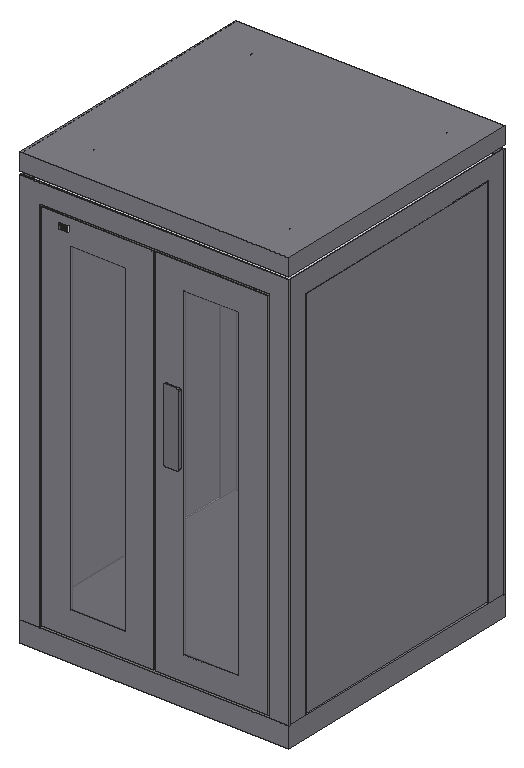
Revit family "ITK_Шкаф_LINEA N_600x600", category Электрооборудование, Revit 2019
Family settings
  Размер круглого соединителя = Использовать диаметр
  Тип детали = Другая панель
  На основе рабочей плоскости = Нет
  Всегда вертикально = Да
  При загрузке вырезать с полостями = Нет
  Общий = Нет
  Точка расчета площади = Нет
Parameters (values of type "19_18U_П-двеСтворки-перф_З-перф_Черный")
  УГО_Смещение_Y [instance] = 1850 mm
  УГО_Смещение_X [instance] = 2000 mm
  Справа_Сплошная_Панель = yes
  Слева_Сплошная_Панель = yes
  Перед_ДвеСтворки_Перфорация = yes
  Материал_Окно = iek_Перфорация_RAL9005_(new)
  Материал_Ножки = iek_Сталь_Серый
  Изготовитель = "IEK"  # constant formula
  Высота платформы = 42 mm
  Выбор УГО [instance] = УГО щит : Щит открытый
  URL = "https://www.itk-group.ru/"
  IEK_Разработчик = "sozutovvd@iek.ru"  # constant formula
  ADSK_Этаж [instance] = ""
  ADSK_Размер_Ширина = 600 mm
  ADSK_Размер_Толщина = 5 mm
  ADSK_Размер_Глубина = 600 mm
  ADSK_Размер_Высота = 979.8 mm
  ADSK_Примечание [instance] = ""
  ADSK_Предел огнестойкости [instance] = ""
  ADSK_Позиция [instance] = ""
  ADSK_Обозначение [instance] = ""
  ADSK_Наименование краткое = "Шкаф сетевой 19\" 18U 600х600"
  ADSK_Наименование = "ITK LINEA N Шкаф сетевой 19\" 18U 600х600мм двери передняя двустворчатая перфорированная задняя перфорированная черный"
  ADSK_Материал обозначение = ""
  ADSK_Материал наименование = ""
  ADSK_Материал = iek_Сталь_Краска_RAL9005
  ADSK_Масса_Текст = ""
  ADSK_Масса = 0
  ADSK_Марка = "LINEA N"  # constant formula
  ADSK_Количество = 1  # constant formula
  ADSK_Код изделия = "LN05-18U66-2PP"
  ADSK_Завод-изготовитель = "itk-group"  # constant formula
  ADSK_Единица измерения = "шт."  # constant formula
  ADSK_Группирование = "Щиты ITK"
  ADSK_Версия семейства = "16.01.24"  # constant formula
  ADSK_Версия Revit = "v2019"  # constant formula
  ADSK_URL страницы изделия = "https://www.itk-group.ru/products/catalog/oborudovanie_telekommunikatsionnoe/shkafy_telekommunikatsionnye/shkafy_setevye_napolnye/shkafy_linea_n/shkafy_linea_n_600kh600mm/itk_linea_n_shkaf_setevoy_19_18u_600kh600mm_dveri_perednyaya_dvustvorchataya_perforirovannaya_zadnyaya_perforirovannaya_chernyy"
  ADSK_URL документации изделия = ""
Types (15, lengths in mm): name | УГО_Смещение_Y | УГО_Смещение_X | Материал_Окно | Выбор УГО | ADSK_Размер_Высота | ADSK_Наименование краткое | ADSK_Наименование | ADSK_Материал | ADSK_Код изделия | ADSK_URL страницы изделия
  (no name) | 1850 | 2000 | iek_Перфорация_RAL9005_(new) | УГО щит : Щит открытый | 979.8 | "Шкаф сетевой 19\" 18U 600х600" | "ITK LINEA N Шкаф сетевой 19\" 18U 600х600мм двери передняя двустворчатая перфорированная задняя перфорированная черный" | iek_Сталь_Краска_RAL9005 | "LN05-18U66-2PP" | "https://www.itk-group.ru/products/catalog/oborudovanie_telekommunikatsionnoe/shkafy_telekommunikatsionnye/shkafy_setevye_napolnye/shkafy_linea_n/shkafy_linea_n_600kh600mm/itk_linea_n_shkaf_setevoy_19_18u_600kh600mm_dveri_perednyaya_dvustvorchataya_perforirovannaya_zadnyaya_perforirovannaya_chernyy"
  19_18U_П-двеСтворки-перф_З-перф_Черный | 1850 | 2000 | iek_Перфорация_RAL9005_(new) | УГО щит : Щит открытый | 979.8 | "Шкаф сетевой 19\" 18U 600х600" | "ITK LINEA N Шкаф сетевой 19\" 18U 600х600мм двери передняя двустворчатая перфорированная задняя перфорированная черный" | iek_Сталь_Краска_RAL9005 | "LN05-18U66-2PP" | "https://www.itk-group.ru/products/catalog/oborudovanie_telekommunikatsionnoe/shkafy_telekommunikatsionnye/shkafy_setevye_napolnye/shkafy_linea_n/shkafy_linea_n_600kh600mm/itk_linea_n_shkaf_setevoy_19_18u_600kh600mm_dveri_perednyaya_dvustvorchataya_perforirovannaya_zadnyaya_perforirovannaya_chernyy"
  19_24U_П-двеСтворки-перф_З-перф_Черный | 620.597 | 744.269 | iek_Перфорация_RAL9005_(new) | УГО щит : Щит аварийного освещения | 1246.5 | "ITK LINEA N Шкаф сетевой 19\" 24U 600х600" | "ITK LINEA N Шкаф сетевой 19\" 24U 600х600мм двери передняя двустворчатая перфорированная задняя перфорированная черный" | iek_Сталь_Краска_RAL9005 | "LN05-24U66-2PP" | "https://www.itk-group.ru/products/catalog/oborudovanie_telekommunikatsionnoe/shkafy_telekommunikatsionnye/shkafy_setevye_napolnye/shkafy_linea_n/shkafy_linea_n_600kh600mm/itk_linea_n_shkaf_setevoy_19_24u_600kh600mm_dveri_perednyaya_dvustvorchataya_perforirovannaya_zadnyaya_perforirovannaya_chernyy"
  19_28U_П-двеСтворки-перф_З-перф_Черный | 620.597 | 744.269 | iek_Перфорация_RAL9005_(new) | УГО щит : Щит аварийного освещения | 1424.3 | "ITK LINEA N Шкаф сетевой 19\" 28U 600х600" | "ITK LINEA N Шкаф сетевой 19\" 28U 600х600мм двери передняя двустворчатая перфорированная задняя перфорированная черный" | iek_Сталь_Краска_RAL9005 | "LN05-28U66-2PP" | "https://www.itk-group.ru/products/catalog/oborudovanie_telekommunikatsionnoe/shkafy_telekommunikatsionnye/shkafy_setevye_napolnye/shkafy_linea_n/shkafy_linea_n_600kh600mm/itk_linea_n_shkaf_setevoy_19_28u_600kh600mm_dveri_perednyaya_dvustvorchataya_perforirovannaya_zadnyaya_perforirovannaya_chernyy"
  19_33U_П-двеСтворки-перф_З-перф_Черный | 620.597 | 744.269 | iek_Перфорация_RAL9005_(new) | УГО щит : Щит аварийного освещения | 1646.6 | "ITK LINEA N Шкаф сетевой 19\" 33U 600х600" | "ITK LINEA N Шкаф сетевой 19\" 33U 600х600мм двери передняя двустворчатая перфорированная задняя перфорированная черный" | iek_Сталь_Краска_RAL9005 | "LN05-33U66-2PP" | "https://www.itk-group.ru/products/catalog/oborudovanie_telekommunikatsionnoe/shkafy_telekommunikatsionnye/shkafy_setevye_napolnye/shkafy_linea_n/shkafy_linea_n_600kh600mm/itk_linea_n_shkaf_setevoy_19_33u_600kh600mm_dveri_perednyaya_dvustvorchataya_perforirovannaya_zadnyaya_perforirovannaya_chernyy"
  19_38U_П-двеСтворки-перф_З-перф_Черный | 620.597 | 744.269 | iek_Перфорация_RAL9005_(new) | УГО щит : Щит аварийного освещения | 1868.8 | "ITK LINEA N Шкаф сетевой 19\" 38U 600х600" | "ITK LINEA N Шкаф сетевой 19\" 38U 600х600мм двери передняя двустворчатая перфорированная задняя перфорированная черный" | iek_Сталь_Краска_RAL9005 | "LN05-38U66-2PP" | "https://www.itk-group.ru/products/catalog/oborudovanie_telekommunikatsionnoe/shkafy_telekommunikatsionnye/shkafy_setevye_napolnye/shkafy_linea_n/shkafy_linea_n_600kh600mm/itk_linea_n_shkaf_setevoy_19_38u_600kh600mm_dveri_perednyaya_dvustvorchataya_perforirovannaya_zadnyaya_perforirovannaya_chernyy"
  19_42U_П-двеСтворки-перф_З-перф_Черный | 620.597 | 744.269 | iek_Перфорация_RAL9005_(new) | УГО щит : Щит аварийного освещения | 2046.6 | "ITK LINEA N Шкаф сетевой 19\" 42U 600х600" | "ITK LINEA N Шкаф сетевой 19\" 42U 600х600мм двери передняя двустворчатая перфорированная задняя перфорированная черный" | iek_Сталь_Краска_RAL9005 | "LN05-42U66-2PP" | "https://www.itk-group.ru/products/catalog/oborudovanie_telekommunikatsionnoe/shkafy_telekommunikatsionnye/shkafy_setevye_napolnye/shkafy_linea_n/shkafy_linea_n_600kh600mm/itk_linea_n_shkaf_setevoy_19_42u_600kh600mm_dveri_perednyaya_dvustvorchataya_perforirovannaya_zadnyaya_perforirovannaya_chernyy"
  19_47U_П-двеСтворки-перф_З-перф_Черный | 620.597 | 744.269 | iek_Перфорация_RAL9005_(new) | УГО щит : Щит аварийного освещения | 2268.1 | "ITK LINEA N Шкаф сетевой 19\" 47U 600х600" | "ITK LINEA N Шкаф сетевой 19\" 47U 600х600мм двери передняя двустворчатая перфорированная задняя перфорированная черный" | iek_Сталь_Краска_RAL9005 | "LN05-47U66-2PP" | "https://www.itk-group.ru/products/catalog/oborudovanie_telekommunikatsionnoe/shkafy_telekommunikatsionnye/shkafy_setevye_napolnye/shkafy_linea_n/shkafy_linea_n_600kh600mm/itk_linea_n_shkaf_setevoy_19_47u_600kh600mm_dveri_perednyaya_dvustvorchataya_perforirovannaya_zadnyaya_perforirovannaya_chernyy"
  19_18U_П-двеСтворки-перф_З-перф_Серый | 620.597 | 744.269 | iek_Перфорация_Серый | УГО щит : Щит аварийного освещения | 979.8 | "ITK LINEA N Шкаф сетевой 19\" 18U 600х600 серый" | "ITK LINEA N Шкаф сетевой 19\" 18U 600х600мм двери передняя двустворчатая перфорированная задняя перфорированная серый" | iek_Сталь_Краска_Серый | "LN35-18U66-2PP" | "https://www.itk-group.ru/products/catalog/oborudovanie_telekommunikatsionnoe/shkafy_telekommunikatsionnye/shkafy_setevye_napolnye/shkafy_linea_n/shkafy_linea_n_600kh600mm/itk_linea_n_shkaf_setevoy_19_18u_600kh600mm_dveri_perednyaya_dvustvorchataya_perforirovannaya_zadnyaya_perforirovannaya_seryy"
  19_24U_П-двеСтворки-перф_З-перф_Серый | 620.597 | 744.269 | iek_Перфорация_Серый | УГО щит : Щит аварийного освещения | 1246.5 | "ITK LINEA N Шкаф сетевой 19\" 24U 600х600 серый" | "ITK LINEA N Шкаф сетевой 19\" 24U 600х600мм двери передняя двустворчатая перфорированная задняя перфорированная серый" | iek_Сталь_Краска_Серый | "LN35-24U66-2PP" | "https://www.itk-group.ru/products/catalog/oborudovanie_telekommunikatsionnoe/shkafy_telekommunikatsionnye/shkafy_setevye_napolnye/shkafy_linea_n/shkafy_linea_n_600kh600mm/itk_linea_n_shkaf_setevoy_19_24u_600kh600mm_dveri_perednyaya_dvustvorchataya_perforirovannaya_zadnyaya_perforirovannaya_seryy"
  19_28U_П-двеСтворки-перф_З-перф_Серый | 620.597 | 744.269 | iek_Перфорация_Серый | УГО щит : Щит аварийного освещения | 1424.3 | "ITK LINEA N Шкаф сетевой 19\" 28U 600х600 серый" | "ITK LINEA N Шкаф сетевой 19\" 28U 600х600мм двери передняя двустворчатая перфорированная задняя перфорированная серый" | iek_Сталь_Краска_Серый | "LN35-28U66-2PP" | "https://www.itk-group.ru/products/catalog/oborudovanie_telekommunikatsionnoe/shkafy_telekommunikatsionnye/shkafy_setevye_napolnye/shkafy_linea_n/shkafy_linea_n_600kh600mm/itk_linea_n_shkaf_setevoy_19_28u_600kh600mm_dveri_perednyaya_dvustvorchataya_perforirovannaya_zadnyaya_perforirovannaya_seryy"
  19_33U_П-двеСтворки-перф_З-перф_Серый | 620.597 | 744.269 | iek_Перфорация_Серый | УГО щит : Щит аварийного освещения | 1646.6 | "ITK LINEA N Шкаф сетевой 19\" 33U 600х600 серый" | "ITK LINEA N Шкаф сетевой 19\" 33U 600х600мм двери передняя двустворчатая перфорированная задняя перфорированная серый" | iek_Сталь_Краска_Серый | "LN35-33U66-2PP" | "https://www.itk-group.ru/products/catalog/oborudovanie_telekommunikatsionnoe/shkafy_telekommunikatsionnye/shkafy_setevye_napolnye/shkafy_linea_n/shkafy_linea_n_600kh600mm/itk_linea_n_shkaf_setevoy_19_33u_600kh600mm_dveri_perednyaya_dvustvorchataya_perforirovannaya_zadnyaya_perforirovannaya_seryy"
  19_38U_П-двеСтворки-перф_З-перф_Серый | 620.597 | 744.269 | iek_Перфорация_Серый | УГО щит : Щит аварийного освещения | 1868.8 | "ITK LINEA N Шкаф сетевой 19\" 38U 600х600 серый" | "ITK LINEA N Шкаф сетевой 19\" 38U 600х600мм двери передняя двустворчатая перфорированная задняя перфорированная серый" | iek_Сталь_Краска_Серый | "LN35-38U66-2PP" | "https://www.itk-group.ru/products/catalog/oborudovanie_telekommunikatsionnoe/shkafy_telekommunikatsionnye/shkafy_setevye_napolnye/shkafy_linea_n/shkafy_linea_n_600kh600mm/itk_linea_n_shkaf_setevoy_19_38u_600kh600mm_dveri_perednyaya_dvustvorchataya_perforirovannaya_zadnyaya_perforirovannaya_seryy"
  19_42U_П-двеСтворки-перф_З-перф_Серый | 620.597 | 744.269 | iek_Перфорация_Серый | УГО щит : Щит аварийного освещения | 2046.6 | "ITK LINEA N Шкаф сетевой 19\" 42U 600х600 серый" | "ITK LINEA N Шкаф сетевой 19\" 42U 600х600мм двери передняя двустворчатая перфорированная задняя перфорированная серый" | iek_Сталь_Краска_Серый | "LN35-42U66-2PP" | "https://www.itk-group.ru/products/catalog/oborudovanie_telekommunikatsionnoe/shkafy_telekommunikatsionnye/shkafy_setevye_napolnye/shkafy_linea_n/shkafy_linea_n_600kh600mm/itk_linea_n_shkaf_setevoy_19_42u_600kh600mm_dveri_perednyaya_dvustvorchataya_perforirovannaya_zadnyaya_perforirovannaya_seryy"
  19_47U_П-двеСтворки-перф_З-перф_Серый | 620.597 | 744.269 | iek_Перфорация_Серый | УГО щит : Щит аварийного освещения | 2268.1 | "ITK LINEA N Шкаф сетевой 19\" 47U 600х600 серый" | "ITK LINEA N Шкаф сетевой 19\" 47U 600х600мм двери передняя двустворчатая перфорированная задняя перфорированная серый" | iek_Сталь_Краска_Серый | "LN35-47U66-2PP" | "https://www.itk-group.ru/products/catalog/oborudovanie_telekommunikatsionnoe/shkafy_telekommunikatsionnye/shkafy_setevye_napolnye/shkafy_linea_n/shkafy_linea_n_600kh600mm/itk_linea_n_shkaf_setevoy_19_47u_600kh600mm_dveri_perednyaya_dvustvorchataya_perforirovannaya_zadnyaya_perforirovannaya_seryy"
Reference planes
  plane 1 "По центру (Вперед/Назад)": y = 0
  plane 2: z = 0
  plane 3 "По центру (Влево/Вправо)": x = 0
  plane 4 "Фасад": y = -600
  plane 5 "Край_Справа": x = 300
  plane 6 "Край_Слева": x = -300
  plane 7 "Вершина": z = 1021.8
  plane 8: z = 42
  plane 9: y = -80
  plane 10: y = -520
  plane 11: x = -220
  plane 12: x = 220
  plane 13: z = 12
  plane 14: z = 87
  plane 15: z = 976.8
  plane 16: z = 956.8
  plane 17: z = 958.8
  plane 18: z = 1019.8
  plane 19: z = 983.8
  plane 20: x = -257
  plane 21: x = 257
  plane 22: z = 933.8
  plane 23: y = -557
  plane 24: y = -43
  plane 25: x = -252
  plane 26: x = 252
  plane 27: z = 92
  plane 28: z = 928.8
  plane 29: x = -2.5
  plane 30: x = 2.5
  plane 31: x = -187
  plane 32: x = 187
  plane 33: z = 873.8
  plane 34: z = 147
  plane 35: x = -65
  plane 36: x = 65
  plane 37: y = -552
  plane 38: y = -48
  plane 39: z = 510.9
  plane 40: x = -2000
  plane 41: y = -2000
Forms (mm)
  Extrusion 1, solid, material "iek_Сталь_Краска_RAL9005" <- "ADSK_Материал", detail levels coarse
    sketch origin (0, 0, 0) x (1, 0, 0) y (0, 1, 0)
      loop
        line (-300, 0) -> (-300, -600) -> (300, -600) -> (300, 0) -> (-300, 0)
    from 0 to 1021.8
  Extrusion 2, solid, material "iek_Сталь_Серый" <- "Материал_Ножки", detail levels medium+fine
    sketch origin (0, 0, 0) x (1, 0, 0) y (0, 1, 0)
      loop
        circle (-220, -80) r 17
      loop
        circle (220, -80) r 17
      loop
        circle (-220, -520) r 17
      loop
        circle (220, -520) r 17
    from 0 to 12
  Extrusion 3, solid, material "iek_Сталь_Серый" <- "Материал_Ножки", detail levels medium+fine
    sketch origin (0, 0, 0) x (1, 0, 0) y (0, 1, 0)
      loop
        circle (-220, -80) r 12
      loop
        circle (220, -80) r 12
      loop
        circle (-220, -520) r 12
      loop
        circle (220, -520) r 12
    from 12 to 42
  Extrusion 4, solid, material "iek_Сталь_Краска_RAL9005" <- "ADSK_Материал", detail levels medium+fine
    sketch origin (0, 0, 0) x (1, 0, 0) y (0, 1, 0)
      loop
        line (-300, -600) -> (300, -600) -> (300, -598) -> (-300, -598) -> (-300, -600)
    from 87 to 976.8
  Extrusion 5, solid, material "iek_Сталь_Краска_RAL9005" <- "ADSK_Материал", detail levels medium+fine
    sketch origin (0, -600, 0) x (1, 0, 0) y (0, 1, 0)
      loop
        line (-300, 600) -> (-300, 598) -> (300, 598) -> (300, 600) -> (-300, 600)
    from 87 to 976.8
  Extrusion 6, solid, material "iek_Сталь_Краска_RAL9005" <- "ADSK_Материал", detail levels medium+fine
    sketch origin (0, 0, 0) x (1, 0, 0) y (0, 1, 0)
      loop
        line (-300, -2) -> (-300, -598) -> (-298, -598) -> (-298, -2) -> (-300, -2)
    from 87 to 976.8
  Extrusion 7, solid, material "iek_Сталь_Краска_RAL9005" <- "ADSK_Материал", detail levels medium+fine
    sketch origin (0, 0, 0) x (-1, 0, 0) y (0, -1, 0)
      loop
        line (-300, 2) -> (-298, 2) -> (-298, 598) -> (-300, 598) -> (-300, 2)
    from 87 to 976.8
  Extrusion 8, solid, material "iek_Сталь_Краска_RAL9005" <- "ADSK_Материал", detail levels medium+fine
    sketch origin (0, 0, 0) x (1, 0, 0) y (0, 1, 0)
      loop
        line (-300, 0) -> (-300, -600) -> (300, -600) -> (300, 0) -> (-300, 0)
    from 42 to 87
  Extrusion 9, solid, material "iek_Сталь_Серый" <- "Материал_Ножки", detail levels medium+fine
    sketch origin (0, 0, 0) x (1, 0, 0) y (0, 1, 0)
      loop
        circle (-220, -80) r 16
      loop
        circle (220, -80) r 16
      loop
        circle (-220, -520) r 16
      loop
        circle (220, -520) r 16
    from 958.8 to 1019.8
  Extrusion 10, solid, detail levels medium+fine
    sketch origin (0, 0, 0) x (1, 0, 0) y (0, 1, 0)
      loop
        line (-298, -2) -> (-298, -598) -> (298, -598) -> (298, -2) -> (-298, -2)
    from 933.8 to 958.8
  Extrusion 11, solid, material "iek_Сталь_Краска_RAL9005" <- "ADSK_Материал", detail levels medium+fine
    sketch origin (0, 0, 1021.8) x (0, -1, 0) y (1, 0, 0)
      loop
        line (0, -300) -> (600, -300) -> (600, 300) -> (0, 300) -> (0, -300)
    from -2 to 0
  Extrusion 12, solid, material "iek_Сталь_Краска_RAL9005" <- "ADSK_Материал", detail levels medium+fine
    sketch origin (0, 0, 1021.8) x (0, -1, 0) y (1, 0, 0)
      loop
        line (600, -300) -> (600, 300) -> (598, 300) -> (598, -300) -> (600, -300)
    from -2 to -38
  Extrusion 13, solid, material "iek_Сталь_Краска_RAL9005" <- "ADSK_Материал", detail levels medium+fine
    sketch origin (0, -600, 1021.8) x (0, 1, 0) y (-1, 0, 0)
      loop
        line (600, 300) -> (598, 300) -> (598, -300) -> (600, -300) -> (600, 300)
    from -2 to -38
  Extrusion 14, solid, material "iek_Сталь_Краска_RAL9005" <- "ADSK_Материал", detail levels medium+fine
    sketch origin (0, 0, 1021.8) x (0, -1, 0) y (1, 0, 0)
      loop
        line (2, -300) -> (598, -300) -> (598, -298) -> (2, -298) -> (2, -300)
    from -2 to -38
  Extrusion 15, solid, material "iek_Сталь_Краска_RAL9005" <- "ADSK_Материал", detail levels medium+fine
    sketch origin (0, 0, 1021.8) x (0, -1, 0) y (1, 0, 0)
      loop
        line (2, 300) -> (2, 298) -> (598, 298) -> (598, 300) -> (2, 300)
    from -2 to -38
  Extrusion 16, void
    sketch origin (0, 0, 0) x (1, 0, 0) y (0, 0, 1)
      loop
        line (-257, 933.8) -> (-257, 87) -> (257, 87) -> (257, 933.8) -> (-257, 933.8)
    from 0 to 2
  Extrusion 17, void
    sketch origin (0, 0, 0) x (1, 0, 0) y (0, 0, 1)
      loop
        line (-257, 933.8) -> (-257, 87) -> (257, 87) -> (257, 933.8) -> (-257, 933.8)
    from 598 to 600
  Extrusion 18, void
    sketch origin (0, 0, 0) x (0, 1, 0) y (0, 0, 1)
      loop
        line (-557, 933.8) -> (-557, 87) -> (-43, 87) -> (-43, 933.8) -> (-557, 933.8)
    from 298 to 300
  Extrusion 19, void
    sketch origin (0, 0, 0) x (0, 1, 0) y (0, 0, 1)
      loop
        line (-557, 933.8) -> (-557, 87) -> (-43, 87) -> (-43, 933.8) -> (-557, 933.8)
    from -300 to -298
  Extrusion 20, solid, material "iek_Сталь_Краска_RAL9005" <- "ADSK_Материал", visible <- "Перед_ДвеСтворки_Перфорация", detail levels medium+fine
    sketch origin (0, -600, 0) x (1, 0, 0) y (0, 0, 1)
      loop
        line (-252, 928.8) -> (-252, 92) -> (-2.5, 92) -> (-2.5, 928.8) -> (-252, 928.8)
    from 0 to -2
  Extrusion 21, solid, material "iek_Сталь_Краска_RAL9005" <- "ADSK_Материал", visible <- "Перед_ДвеСтворки_Перфорация", detail levels medium+fine
    sketch origin (0, -600, 0) x (-1, 0, 0) y (0, 0, -1)
      loop
        line (-252, -928.8) -> (-2.5, -928.8) -> (-2.5, -92) -> (-252, -92) -> (-252, -928.8)
    from 0 to -2
  Extrusion 22, solid, material "iek_Сталь_Краска_RAL9005" <- "ADSK_Материал", detail levels medium+fine
    sketch origin (0, 0, 0) x (1, 0, 0) y (0, 0, 1)
      loop
        line (-252, 928.8) -> (-252, 92) -> (252, 92) -> (252, 928.8) -> (-252, 928.8)
    from 0 to 2
  Extrusion 23, solid, material "iek_Сталь_Серый" <- "Материал_Ножки", detail levels medium+fine
    sketch origin (26.515, 0, 25.85) x (1, 0, 0) y (0, 0, 1)
      loop
        line (195.485, 650.05) -> (170.485, 650.05)
        arc (170.485, 650.05) -> (166.949, 648.585) -> (165.485, 645.05) r 5
        line (165.485, 645.05) -> (165.485, 490.05)
        arc (165.485, 490.05) -> (166.949, 486.514) -> (170.485, 485.05) r 5
        line (170.485, 485.05) -> (195.485, 485.05)
        arc (195.485, 485.05) -> (199.021, 486.514) -> (200.485, 490.05) r 5
        line (200.485, 490.05) -> (200.485, 645.05)
        arc (200.485, 645.05) -> (199.021, 648.585) -> (195.485, 650.05) r 5
    from 0 to -4
  Extrusion 24, solid, material "iek_Сталь_Серый" <- "Материал_Ножки", visible <- "Перед_ДвеСтворки_Перфорация", detail levels medium+fine
    sketch origin (-142.985, -600, -418.65) x (1, 0, 0) y (0, 0, -1)
      loop
        arc (195.485, -1094.55) -> (199.021, -1093.085) -> (200.485, -1089.55) r 5
        line (200.485, -1089.55) -> (200.485, -934.55)
        arc (200.485, -934.55) -> (199.021, -931.014) -> (195.485, -929.55) r 5
        line (195.485, -929.55) -> (170.485, -929.55)
        arc (170.485, -929.55) -> (166.949, -931.014) -> (165.485, -934.55) r 5
        line (165.485, -934.55) -> (165.485, -1089.55)
        arc (165.485, -1089.55) -> (166.949, -1093.085) -> (170.485, -1094.55) r 5
        line (170.485, -1094.55) -> (195.485, -1094.55)
    from 0 to -4
  Extrusion 25, solid, material "iek_Сталь_Краска_RAL9005" <- "ADSK_Материал", visible <- "Слева_Сплошная_Панель", detail levels medium+fine
    sketch origin (0, 0, 1021.8) x (0, -1, 0) y (1, 0, 0)
      loop
        line (552, -298) -> (48, -298) -> (48, -300) -> (552, -300) -> (552, -298)
    from -929.8 to -93
  Extrusion 26, solid, material "iek_Сталь_Краска_RAL9005" <- "ADSK_Материал", visible <- "Справа_Сплошная_Панель", detail levels medium+fine
    sketch origin (0, 0, 1021.8) x (0, -1, 0) y (1, 0, 0)
      loop
        line (48, 300) -> (48, 298) -> (552, 298) -> (552, 300) -> (48, 300)
    from -929.8 to -93
  Extrusion 27, void
    sketch origin (0, -600, 0) x (1, 0, 0) y (0, 0, 1)
      loop
        line (-187, 873.8) -> (-187, 147) -> (-65, 147) -> (-65, 873.8) -> (-187, 873.8)
    from 0 to -2
  Extrusion 28, solid, material "iek_Перфорация_RAL9005_(new)" <- "Материал_Окно", visible <- "Перед_ДвеСтворки_Перфорация", detail levels medium+fine
    sketch origin (0, -600, 0) x (1, 0, 0) y (0, 0, 1)
      loop
        line (-187, 873.8) -> (-187, 147) -> (-65, 147) -> (-65, 873.8) -> (-187, 873.8)
    from 0 to -2
  Extrusion 29, void
    sketch origin (0, -600, 0) x (1, 0, 0) y (0, 0, 1)
      loop
        line (65, 873.8) -> (65, 147) -> (187, 147) -> (187, 873.8) -> (65, 873.8)
    from 0 to -2
  Extrusion 30, solid, material "iek_Перфорация_RAL9005_(new)" <- "Материал_Окно", visible <- "Перед_ДвеСтворки_Перфорация", detail levels medium+fine
    sketch origin (252, -600, 0) x (1, 0, 0) y (0, 0, 1)
      loop
        line (-187, 873.8) -> (-187, 147) -> (-65, 147) -> (-65, 873.8) -> (-187, 873.8)
    from 0 to -2
  Extrusion 31, solid, material "iek_Белый", detail levels fine
    sketch origin (13.289, -600, 3.006) x (1, 0, 0) y (0, 0, 1)
      loop
        line (-225.771, 909.407) -> (-225.771, 897.991) -> (-204.597, 897.991) -> (-204.597, 909.407) -> (-225.771, 909.407)
    from 0 to 2
  Extrusion 32, solid, material "iek_Условный_Цвет_Серо-синий", detail levels fine
    sketch origin (0, -600, 0) x (1, 0, 0) y (0, 0, 1)
      loop
        line (-210.31, 907.967) -> (-210.31, 902.413) -> (-207.882, 902.413) -> (-207.882, 907.967) -> (-210.31, 907.967)
      loop
        line (-210.31, 911.097) -> (-210.31, 908.741) -> (-207.882, 908.741) -> (-207.882, 911.097) -> (-210.31, 911.097)
      loop
        line (-205.44, 907.967) -> (-205.44, 902.413) -> (-203.153, 902.413) -> (-203.153, 907.967) -> (-205.44, 907.967)
      loop
        line (-200.661, 911.097) -> (-200.661, 902.413) -> (-198.372, 902.413) -> (-198.372, 905.669) -> (-197.497, 905.669) -> (-195.382, 902.413) -> (-192.594, 902.413) -> (-195.753, 906.762) -> (-192.594, 911.097) -> (-195.382, 911.097) -> (-197.497, 907.841) -> (-198.372, 907.841) -> (-198.372, 911.097) -> (-200.661, 911.097)
    from 2 to 3
  Extrusion 33, solid, material "iek_Условный_Цвет_Зеленый", detail levels fine
    sketch origin (0, -600, 0) x (1, 0, 0) y (0, 0, 1)
      loop
        line (-207.175, 911.097) -> (-207.175, 908.741) -> (-201.419, 908.741) -> (-201.419, 911.097) -> (-207.175, 911.097)
    from 2 to 3
  Extrusion 34, void
    sketch origin (0, 0, 0) x (1, 0, 0) y (0, 0, 1)
      loop
        line (187, 873.8) -> (-187, 873.8) -> (-187, 147) -> (187, 147) -> (187, 873.8)
    from 0 to 2
  Extrusion 35, solid, material "iek_Перфорация_RAL9005_(new)" <- "Материал_Окно", detail levels medium+fine
    sketch origin (0, 0, 0) x (1, 0, 0) y (0, 0, 1)
      loop
        line (187, 873.8) -> (-187, 873.8) -> (-187, 147) -> (187, 147) -> (187, 873.8)
    from 0 to 2
  Extrusion 36, solid, material "iek_Сталь_Серый" <- "Материал_Ножки", visible <- "Перед_ДвеСтворки_Перфорация", not visible, detail levels medium+fine
    sketch origin (-142.985, -600, -257.9) x (1, 0, 0) y (0, 0, -1)
      loop
        arc (195.485, -1094.55) -> (199.021, -1093.085) -> (200.485, -1089.55) r 5
        line (200.485, -1089.55) -> (200.485, -934.55)
        arc (200.485, -934.55) -> (199.021, -931.014) -> (195.485, -929.55) r 5
        line (195.485, -929.55) -> (170.485, -929.55)
        arc (170.485, -929.55) -> (166.949, -931.014) -> (165.485, -934.55) r 5
        line (165.485, -934.55) -> (165.485, -1089.55)
        arc (165.485, -1089.55) -> (166.949, -1093.085) -> (170.485, -1094.55) r 5
        line (170.485, -1094.55) -> (195.485, -1094.55)
    from 0 to -4
  Extrusion 37, solid, material "iek_Сталь_Серый" <- "Материал_Ножки", not visible, detail levels medium+fine
    sketch origin (26.515, 0, 186.6) x (1, 0, 0) y (0, 0, 1)
      loop
        line (195.485, 650.05) -> (170.485, 650.05)
        arc (170.485, 650.05) -> (166.949, 648.585) -> (165.485, 645.05) r 5
        line (165.485, 645.05) -> (165.485, 490.05)
        arc (165.485, 490.05) -> (166.949, 486.514) -> (170.485, 485.05) r 5
        line (170.485, 485.05) -> (195.485, 485.05)
        arc (195.485, 485.05) -> (199.021, 486.514) -> (200.485, 490.05) r 5
        line (200.485, 490.05) -> (200.485, 645.05)
        arc (200.485, 645.05) -> (199.021, 648.585) -> (195.485, 650.05) r 5
    from 0 to -4
Cuts and joins
  joined: Extrusion 11, Extrusion 12, Extrusion 13, Extrusion 14, Extrusion 15
  Extrusion 16 cuts Extrusion 5
  Extrusion 17 cuts Extrusion 4
  Extrusion 18 cuts Extrusion 7
  Extrusion 19 cuts Extrusion 6
  Extrusion 27 cuts Extrusion 20
  Extrusion 29 cuts Extrusion 21
  Extrusion 34 cuts Extrusion 22
Lines and regions (mm)
  reference lines
    curve 1: line (-0.5, -150, 0) -> (0.5, -150, 0)
    curve 2: line (0, -150, 0) -> (0, -390, 0)
  reference lines, not visible
    curve 3: line (627.375, 734.644, -62.5) -> (628.375, 734.644, -62.5)
    curve 4: line (627.875, 734.644, -62.5) -> (627.875, 494.644, -62.5)
  symbolic lines, detail levels medium+fine
    curve 5: line (-300, 0, 1021.8) -> (300, 0, 1021.8)
    curve 6: line (-300, -600, 1021.8) -> (-300, 0, 1021.8)
    curve 7: line (300, -600, 1021.8) -> (-300, -600, 1021.8)
    curve 8: line (300, 0, 1021.8) -> (300, -600, 1021.8)
Dimensions and locks
  equal spacing: plane 6 "Край_Слева", plane 3 "По центру (Влево/Вправо)", plane 5 "Край_Справа"
  "ADSK_Размер_Глубина": plane 4 "Фасад" to plane 1 "По центру (Вперед/Назад)"
  "ADSK_Размер_Ширина": plane 6 "Край_Слева" to plane 5 "Край_Справа"
  "Высота платформы": plane 8 to level
  "ADSK_Размер_Высота": plane 7 "Вершина" to plane 8
  locked: plane 4 "Фасад" to plane 10 at 80
  locked: plane 9 to plane 1 "По центру (Вперед/Назад)" at 80
  locked: plane 6 "Край_Слева" to plane 11 at 80
  locked: plane 12 to plane 5 "Край_Справа" at 80
  plane 13 to level = 12 mm
  locked: plane 14 to plane 8 at 45
  locked: plane 7 "Вершина" to plane 15 at 45
  locked: plane 15 to plane 16 at 20
  locked: plane 17 to plane 16 at 2
  locked: plane 7 "Вершина" to plane 18 at 2
  locked: plane 18 to plane 19 at 36
  locked: plane 6 "Край_Слева" to plane 20 at 43
  locked: plane 21 to plane 5 "Край_Справа" at 43
  locked: plane 15 to plane 22 at 43
  locked: plane 4 "Фасад" to plane 23 at 43
  locked: plane 24 to plane 1 "По центру (Вперед/Назад)" at 43
  "ADSK_Размер_Толщина": plane 25 to plane 20
  "ADSK_Размер_Толщина": plane 26 to plane 21
  "ADSK_Размер_Толщина": plane 27 to plane 14
  "ADSK_Размер_Толщина": plane 22 to plane 28
  equal spacing: plane 30, plane 3 "По центру (Влево/Вправо)", plane 29
  "ADSK_Размер_Толщина": plane 30 to plane 29
  plane 31 to plane 25 = 65 mm
  plane 32 to plane 26 = 65 mm
  plane 28 to plane 33 = 55 mm
  plane 34 to plane 27 = 55 mm
  plane 3 "По центру (Влево/Вправо)" to plane 35 = 65 mm
  plane 36 to plane 3 "По центру (Влево/Вправо)" = 65 mm
  "ADSK_Размер_Толщина": plane 23 to plane 37
  "ADSK_Размер_Толщина": plane 38 to plane 24
  equal spacing: plane 7 "Вершина", plane 39, level
  "УГО_Смещение_X": plane 40 to curve 2
  "УГО_Смещение_Y": plane 41 to curve 1
  aligned and locked: level to plane 2
  aligned and locked: plane 1 "По центру (Вперед/Назад)" to Extrusion 1 sketch curve
  aligned and locked: Extrusion 1 sketch curve to plane 6 "Край_Слева"
  aligned and locked: Extrusion 1 sketch curve to plane 4 "Фасад"
  aligned and locked: Extrusion 1 sketch curve to plane 5 "Край_Справа"
  aligned and locked: Extrusion 2 to plane 13
  aligned and locked: Extrusion 3 to plane 8
  aligned and locked: Extrusion 3 to Extrusion 2
  aligned and locked: plane 5 "Край_Справа" to Extrusion 4
  aligned and locked: plane 6 "Край_Слева" to Extrusion 4
  aligned and locked: plane 4 "Фасад" to Extrusion 1
  aligned and locked: Extrusion 5 to plane 1 "По центру (Вперед/Назад)"
  aligned and locked: plane 6 "Край_Слева" to Extrusion 5
  aligned and locked: plane 5 "Край_Справа" to Extrusion 5
  aligned and locked: Extrusion 6 sketch curve to Extrusion 5
  aligned and locked: Extrusion 4 to Extrusion 6 sketch curve
  aligned and locked: plane 6 "Край_Слева" to Extrusion 6
  aligned and locked: plane 5 "Край_Справа" to Extrusion 7
  aligned and locked: Extrusion 7 to Extrusion 5
  aligned and locked: Extrusion 7 to Extrusion 4
  aligned and locked: Extrusion 8 sketch curve to Extrusion 1  (x4)
  aligned and locked: plane 8 to Extrusion 8
  aligned and locked: plane 14 to Extrusion 7
  aligned and locked: plane 14 to Extrusion 6
  aligned and locked: Extrusion 4 to Extrusion 6
  aligned and locked: Extrusion 8 to plane 14
  aligned and locked: Extrusion 4 to plane 15
  aligned and locked: Extrusion 5 to plane 15
  aligned and locked: Extrusion 7 to plane 15
  aligned and locked: Extrusion 6 to plane 15
  aligned and locked: Extrusion 10 to plane 17
  aligned and locked: Extrusion 9 to Extrusion 10
  aligned and locked: Extrusion 6 to Extrusion 10 sketch curve
  aligned and locked: Extrusion 5 to Extrusion 10 sketch curve
  aligned and locked: Extrusion 10 sketch curve to Extrusion 7
  aligned and locked: Extrusion 4 to Extrusion 10 sketch curve
  aligned and locked: Extrusion 11 sketch curve to Extrusion 1  (x4)
  aligned and locked: Extrusion 11 to plane 7 "Вершина"
  aligned and locked: plane 18 to Extrusion 11
  aligned and locked: plane 4 "Фасад" to Extrusion 12 sketch curve
  aligned and locked: plane 5 "Край_Справа" to Extrusion 12 sketch curve
  aligned and locked: plane 6 "Край_Слева" to Extrusion 12 sketch curve
  aligned and locked: plane 19 to Extrusion 12
  aligned and locked: Extrusion 9 to plane 18
  aligned and locked: plane 6 "Край_Слева" to Extrusion 13
  aligned and locked: plane 5 "Край_Справа" to Extrusion 13
  aligned and locked: Extrusion 13 to plane 1 "По центру (Вперед/Назад)"
  aligned and locked: Extrusion 14 sketch curve to plane 6 "Край_Слева"
  aligned and locked: Extrusion 12 to Extrusion 14 sketch curve
  aligned and locked: Extrusion 14 sketch curve to Extrusion 13
  aligned and locked: Extrusion 14 to plane 18
  aligned and locked: plane 19 to Extrusion 14
  aligned and locked: Extrusion 13 to plane 18
  aligned and locked: Extrusion 12 to plane 18
  aligned and locked: plane 5 "Край_Справа" to Extrusion 15
  aligned and locked: Extrusion 15 to Extrusion 4
  aligned and locked: Extrusion 15 to Extrusion 5
  aligned and locked: Extrusion 15 to plane 18
  aligned and locked: plane 19 to Extrusion 15
  aligned and locked: plane 20 to Extrusion 16 sketch curve
  aligned and locked: plane 21 to Extrusion 16 sketch curve
  aligned and locked: Extrusion 16 sketch curve to plane 14
  aligned and locked: plane 22 to Extrusion 16 sketch curve
  aligned and locked: Extrusion 16 to plane 1 "По центру (Вперед/Назад)"
  aligned and locked: Extrusion 17 sketch curve to plane 14
  aligned and locked: plane 22 to Extrusion 17 sketch curve
  aligned and locked: plane 20 to Extrusion 17 sketch curve
  aligned and locked: plane 21 to Extrusion 17 sketch curve
  aligned and locked: plane 4 "Фасад" to Extrusion 17
  aligned and locked: Extrusion 18 sketch curve to plane 14
  aligned and locked: plane 22 to Extrusion 18 sketch curve
  aligned and locked: plane 5 "Край_Справа" to Extrusion 18
  aligned and locked: Extrusion 18 to plane 23
  aligned and locked: Extrusion 18 to plane 24
  aligned and locked: plane 23 to Extrusion 19 sketch curve
  aligned and locked: plane 24 to Extrusion 19 sketch curve
  aligned and locked: plane 22 to Extrusion 19 sketch curve
  aligned and locked: Extrusion 19 sketch curve to plane 14
  aligned and locked: plane 6 "Край_Слева" to Extrusion 19
  aligned and locked: Extrusion 20 sketch curve to plane 27
  aligned and locked: plane 25 to Extrusion 20 sketch curve
  aligned and locked: plane 28 to Extrusion 20 sketch curve
  aligned and locked: plane 29 to Extrusion 20
  aligned and locked: cut or joined group of Extrusion 4, Extrusion 17 to Extrusion 20
  aligned and locked: plane 30 to Extrusion 21
  aligned and locked: plane 27 to Extrusion 21
  aligned and locked: Extrusion 21 to plane 26
  aligned and locked: Extrusion 21 to plane 28
  aligned and locked: plane 4 "Фасад" to Extrusion 21
  aligned and locked: cut or joined group of Extrusion 4, Extrusion 17 to Extrusion 21
  aligned and locked: plane 14 to cut or joined group of Extrusion 5, Extrusion 16
  aligned and locked: Extrusion 22 sketch curve to plane 27
  aligned and locked: plane 25 to Extrusion 22 sketch curve
  aligned and locked: plane 26 to Extrusion 22 sketch curve
  aligned and locked: plane 28 to Extrusion 22 sketch curve
  aligned and locked: Extrusion 22 to Extrusion 10
  aligned and locked: Extrusion 25 sketch curve to plane 6 "Край_Слева"
  aligned and locked: Extrusion 25 sketch curve to cut or joined group of Extrusion 6, Extrusion 19
  aligned and locked: plane 27 to Extrusion 25
  aligned and locked: Extrusion 25 to plane 28
  aligned and locked: Extrusion 25 to plane 37
  aligned and locked: plane 38 to Extrusion 25
  aligned and locked: Extrusion 26 to plane 5 "Край_Справа"
  aligned and locked: Extrusion 26 to Extrusion 10
  aligned and locked: plane 27 to Extrusion 26
  aligned and locked: Extrusion 26 to plane 28
  aligned and locked: Extrusion 26 to plane 37
  aligned and locked: plane 38 to Extrusion 26
  aligned and locked: Extrusion 1 to plane 7 "Вершина"
  aligned and locked: Extrusion 27 to plane 33
  aligned and locked: Extrusion 27 to plane 31
  aligned and locked: plane 35 to Extrusion 27
  aligned and locked: Extrusion 27 to plane 34
  aligned and locked: Extrusion 27 to plane 4 "Фасад"
  aligned and locked: Extrusion 28 to plane 34
  aligned and locked: plane 35 to Extrusion 28
  aligned and locked: Extrusion 28 to plane 31
  aligned and locked: Extrusion 28 to plane 33
  aligned and locked: Extrusion 28 to plane 4 "Фасад"
  aligned and locked: Extrusion 29 to plane 33
  aligned and locked: Extrusion 29 to plane 32
  aligned and locked: plane 36 to Extrusion 29
  aligned and locked: Extrusion 29 to plane 34
  aligned and locked: Extrusion 29 to plane 4 "Фасад"
  aligned and locked: Extrusion 30 to plane 32
  aligned and locked: Extrusion 30 to plane 33
  aligned and locked: plane 36 to Extrusion 30
  aligned and locked: Extrusion 30 to plane 34
  aligned and locked: plane 4 "Фасад" to Extrusion 30
  aligned and locked: Extrusion 31 to plane 4 "Фасад"
  aligned and locked: Extrusion 32 to Extrusion 31
  aligned and locked: Extrusion 33 to Extrusion 31
  aligned and locked: Extrusion 34 to plane 33
  aligned and locked: Extrusion 34 to plane 31
  aligned and locked: Extrusion 34 to plane 34
  aligned and locked: Extrusion 34 to plane 32
  aligned and locked: Extrusion 35 to plane 33
  aligned and locked: Extrusion 35 to plane 31
  aligned and locked: Extrusion 35 to plane 34
  aligned and locked: Extrusion 35 to plane 32
  aligned and locked: plane 22 to Extrusion 10
  aligned and locked: plane 39 to Extrusion 24
  aligned and locked: plane 39 to Extrusion 23
  aligned and locked: curve 6 to plane 6 "Край_Слева"
  aligned and locked: curve 8 to plane 5 "Край_Справа"
  aligned and locked: curve 7 to plane 4 "Фасад"
  aligned and locked: plane 1 "По центру (Вперед/Назад)" to curve 5
Automatic sketch dimensions
  Extrusion 2 sketch curve to plane 10 = 0 mm  (x2)
  Extrusion 2 sketch curve to plane 11 = 0 mm  (x2)
  plane 9 to Extrusion 2 sketch curve = 0 mm  (x2)
  Extrusion 2 sketch curve to plane 12 = 0 mm  (x2)
  Extrusion 3 sketch curve to plane 10 = 0 mm  (x2)
  Extrusion 3 sketch curve to plane 11 = 0 mm  (x2)
  plane 9 to Extrusion 3 sketch curve = 0 mm  (x2)
  Extrusion 3 sketch curve to plane 12 = 0 mm  (x2)
  Extrusion 9 sketch curve to plane 10 = 0 mm  (x2)
  Extrusion 9 sketch curve to plane 11 = 0 mm  (x2)
  plane 9 to Extrusion 9 sketch curve = 0 mm  (x2)
  Extrusion 9 sketch curve to plane 12 = 0 mm  (x2)
  Extrusion 4 sketch curve to plane 6 "Край_Слева" = 0 mm
  Extrusion 4 sketch curve to plane 5 "Край_Справа" = 0 mm
  plane 4 "Фасад" to Extrusion 4 sketch curve = 0 mm
  Extrusion 4 sketch curve to plane 4 "Фасад" = 2 mm
  Extrusion 5 sketch curve to plane 6 "Край_Слева" = 0 mm
  Extrusion 5 sketch curve to plane 5 "Край_Справа" = 0 mm
  plane 1 "По центру (Вперед/Назад)" to Extrusion 5 sketch curve = 0 mm
  Extrusion 5 sketch curve to plane 1 "По центру (Вперед/Назад)" = 2 mm
  Extrusion 6 sketch curve to plane 6 "Край_Слева" = 0 mm
  Extrusion 6 sketch curve to Extrusion 6 sketch curve = 2 mm
  Extrusion 7 sketch curve to plane 5 "Край_Справа" = 0 mm
  Extrusion 7 sketch curve to Extrusion 7 sketch curve = 2 mm
  plane 4 "Фасад" to Extrusion 7 sketch curve = 2 mm
  Extrusion 7 sketch curve to plane 1 "По центру (Вперед/Назад)" = 2 mm
  Extrusion 12 sketch curve to plane 4 "Фасад" = 2 mm
  Extrusion 13 sketch curve to plane 6 "Край_Слева" = 0 mm
  Extrusion 13 sketch curve to plane 5 "Край_Справа" = 0 mm
  plane 1 "По центру (Вперед/Назад)" to Extrusion 13 sketch curve = 0 mm
  Extrusion 13 sketch curve to plane 1 "По центру (Вперед/Назад)" = 2 mm
  Extrusion 14 sketch curve to Extrusion 14 sketch curve = 2 mm
  Extrusion 15 sketch curve to plane 5 "Край_Справа" = 0 mm
  Extrusion 15 sketch curve to plane 1 "По центру (Вперед/Назад)" = 2 mm
  plane 4 "Фасад" to Extrusion 15 sketch curve = 2 mm
  plane 5 "Край_Справа" to Extrusion 15 sketch curve = 2 mm
  Extrusion 18 sketch curve to plane 23 = 0 mm
  Extrusion 18 sketch curve to plane 24 = 0 mm
  Extrusion 20 sketch curve to plane 29 = 0 mm
  plane 26 to Extrusion 21 sketch curve = 0 mm
  Extrusion 21 sketch curve to plane 27 = 0 mm
  plane 30 to Extrusion 21 sketch curve = 0 mm
  Extrusion 21 sketch curve to plane 28 = 0 mm
  Extrusion 23 sketch curve to Extrusion 23 sketch curve = 5 mm  (x4)
  Extrusion 23 sketch curve to Extrusion 23 sketch curve = 155 mm
  Extrusion 24 sketch curve to Extrusion 24 sketch curve = 5 mm  (x4)
  Extrusion 24 sketch curve to Extrusion 24 sketch curve = 155 mm
  Extrusion 25 sketch curve to plane 38 = 0 mm
  Extrusion 25 sketch curve to plane 37 = 0 mm
  Extrusion 26 sketch curve to plane 38 = 0 mm
  Extrusion 26 sketch curve to plane 5 "Край_Справа" = 0 mm
  Extrusion 26 sketch curve to plane 37 = 0 mm
  Extrusion 26 sketch curve to plane 5 "Край_Справа" = 2 mm
  Extrusion 27 sketch curve to plane 31 = 0 mm
  Extrusion 27 sketch curve to plane 34 = 0 mm
  Extrusion 27 sketch curve to plane 35 = 0 mm
  Extrusion 27 sketch curve to plane 33 = 0 mm
  Extrusion 28 sketch curve to plane 31 = 0 mm
  Extrusion 28 sketch curve to plane 34 = 0 mm
  Extrusion 28 sketch curve to plane 35 = 0 mm
  Extrusion 28 sketch curve to plane 33 = 0 mm
  Extrusion 29 sketch curve to plane 34 = 0 mm
  plane 36 to Extrusion 29 sketch curve = 0 mm
  plane 32 to Extrusion 29 sketch curve = 0 mm
  Extrusion 29 sketch curve to plane 33 = 0 mm
  Extrusion 30 sketch curve to plane 34 = 0 mm
  plane 36 to Extrusion 30 sketch curve = 0 mm
  plane 32 to Extrusion 30 sketch curve = 0 mm
  Extrusion 30 sketch curve to plane 33 = 0 mm
  plane 11 to Extrusion 31 sketch curve = 7.518 mm
  Extrusion 31 sketch curve to plane 31 = 4.309 mm
  plane 28 to Extrusion 31 sketch curve = 27.803 mm
  Extrusion 31 sketch curve to Extrusion 31 sketch curve = 11.416 mm
  Extrusion 32 sketch curve to plane 31 = 23.31 mm
  Extrusion 32 sketch curve to Extrusion 32 sketch curve = 0 mm  (x6)
  Extrusion 32 sketch curve to Extrusion 32 sketch curve = 2.428 mm  (x2)
  Extrusion 32 sketch curve to Extrusion 32 sketch curve = 2.287 mm
  Extrusion 32 sketch curve to Extrusion 32 sketch curve = 2.289 mm
  Extrusion 32 sketch curve to Extrusion 32 sketch curve = 0.875 mm  (x2)
  Extrusion 32 sketch curve to Extrusion 32 sketch curve = 1.744 mm
  Extrusion 32 sketch curve to Extrusion 32 sketch curve = 2.99 mm  (x2)
  Extrusion 32 sketch curve to Extrusion 32 sketch curve = 2.789 mm  (x2)
  Extrusion 32 sketch curve to plane 33 = 28.613 mm
  Extrusion 32 sketch curve to Extrusion 32 sketch curve = 3.256 mm  (x2)
  Extrusion 32 sketch curve to Extrusion 32 sketch curve = 1.093 mm
  Extrusion 32 sketch curve to Extrusion 32 sketch curve = 2.172 mm
  Extrusion 32 sketch curve to Extrusion 32 sketch curve = 0.126 mm
  Extrusion 32 sketch curve to Extrusion 32 sketch curve = 0.774 mm
  Extrusion 32 sketch curve to Extrusion 32 sketch curve = 4.335 mm
  Extrusion 32 sketch curve to Extrusion 32 sketch curve = 2.442 mm
  Extrusion 32 sketch curve to Extrusion 32 sketch curve = 2.493 mm
  Extrusion 32 sketch curve to Extrusion 32 sketch curve = 2.356 mm
  plane 11 to Extrusion 33 sketch curve = 12.825 mm
  Extrusion 33 sketch curve to Extrusion 33 sketch curve = 5.756 mm
  plane 28 to Extrusion 33 sketch curve = 20.059 mm
  Extrusion 33 sketch curve to Extrusion 33 sketch curve = 2.356 mm
  Extrusion 34 sketch curve to plane 31 = 0 mm
  plane 32 to Extrusion 34 sketch curve = 0 mm
  Extrusion 34 sketch curve to plane 34 = 0 mm
  Extrusion 34 sketch curve to plane 33 = 0 mm
  Extrusion 35 sketch curve to plane 31 = 0 mm
  plane 32 to Extrusion 35 sketch curve = 0 mm
  Extrusion 35 sketch curve to plane 34 = 0 mm
  Extrusion 35 sketch curve to plane 33 = 0 mm
  Extrusion 24 sketch curve to Extrusion 24 sketch curve = 25 mm
  Extrusion 36 sketch curve to Extrusion 36 sketch curve = 5 mm  (x4)
  Extrusion 36 sketch curve to Extrusion 36 sketch curve = 155 mm
  Extrusion 36 sketch curve to Extrusion 36 sketch curve = 25 mm
  Extrusion 23 sketch curve to Extrusion 23 sketch curve = 25 mm
  Extrusion 37 sketch curve to Extrusion 37 sketch curve = 5 mm  (x4)
  Extrusion 37 sketch curve to Extrusion 37 sketch curve = 155 mm
  Extrusion 37 sketch curve to Extrusion 37 sketch curve = 25 mm
  curve 1 to curve 2 = 0.5 mm
  curve 2 to curve 1 = 0.5 mm
  curve 2 to curve 2 = 240 mm
  curve 3 to curve 4 = 0.5 mm
  curve 4 to curve 3 = 0.5 mm
  curve 4 to curve 4 = 240 mm
  radius of Extrusion 2 sketch curve = 17 mm  (x4)
  radius of Extrusion 3 sketch curve = 12 mm  (x4)
  radius of Extrusion 9 sketch curve = 16 mm  (x4)
Nested families
  nested 1: "УГО щит" at (0, -150, 0) x (-1, 0, 0) z (0, 0, 1), type <- "Выбор УГО", type "Щит открытый", detail levels coarse+medium
  nested 2: "УГО щит" at (627.875, 734.644, -62.5) x (-1, 0, 0) z (0, 0, 1), type <- "Выбор УГО", type "Щит открытый", not visible, detail levels coarse+medium
Connectors
  electrical at (0, 0, 510.9)
    settings: on Extrusion 1, index 1, voltage 0 V, apparent load 0 VA, apparent load phase1 0 VA, apparent load phase2 0 VA, apparent load phase3 0 VA, power factor 1, load classification "Прочее", number of poles 1, system type 9, power factor state 1, is connector primary yes, connector utility no, sub classification motor no, connector description ""
Definition of nested family "УГО щит"
  Parameters (values of type "Шкаф распределительный")
    Ящик управления = no
    Ящик с аппаратурой = no
    Щиток лабараторный = no
    Щит распределительный = yes
    Щит открытый = no
    Щит освещения = no
    Щит аварийного освещения = no
    Устройство пусковое для электродвигателей = no
    Трансформатор понижающий малой мощности = no
    Пускатель магнитный = no
    Панель одностороннего обслуживая = no
    Панель двухстороннего обслуживания = no
    Автоматический выключатель = no
  Types (13, lengths in mm): name | Ящик управления | Ящик с аппаратурой | Щиток лабараторный | Щит распределительный | Щит открытый | Щит освещения | Щит аварийного освещения | Устройство пусковое для электродвигателей | Трансформатор понижающий малой мощности | Пускатель магнитный | Панель одностороннего обслуживая | Панель двухстороннего обслуживания | Автоматический выключатель
    Панель двухстороннего обслуживания | no | no | no | no | no | no | no | no | no | no | no | yes | no
    Щит аварийного освещения | no | no | no | no | no | no | yes | no | no | no | no | no | no
    Щит освещения | no | no | no | no | no | yes | no | no | no | no | no | no | no
    Щит открытый | no | no | no | no | yes | no | no | no | no | no | no | no | no
    Щиток лабараторный | no | no | yes | no | no | no | no | no | no | no | no | no | no
    Ящик с аппаратурой | no | yes | no | no | no | no | no | no | no | no | no | no | no
    Ящик управления | yes | no | no | no | no | no | no | no | no | no | no | no | no
    Панель одностороннего обслуживания | no | no | no | no | no | no | no | no | no | no | yes | no | no
    Устройство пусковое для электродвигателей | no | no | no | no | no | no | no | yes | no | no | no | no | no
    Пускатель магнитный | no | no | no | no | no | no | no | no | no | yes | no | no | no
    Автоматический выключатель | no | no | no | no | no | no | no | no | no | no | no | no | yes
    Трансформатор понижающий малой мощности | no | no | no | no | no | no | no | no | yes | no | no | no | no
    Шкаф распределительный | no | no | no | yes | no | no | no | no | no | no | no | no | no
  Reference planes
    plane 1: y = 0
    plane 2: x = 0
  Lines and regions (mm)
    detail lines, visible <- "Щит открытый"
      curve 1: line (-2.5, 0, 0) -> (-2.5, 5, 0)
      curve 2: line (-2.5, 5, 0) -> (2.5, 5, 0)
      curve 3: line (2.5, 5, 0) -> (2.5, 0, 0)
      curve 4: line (2.5, 0, 0) -> (-2.5, 0, 0)
    detail lines, visible <- "Ящик с аппаратурой"
      curve 5: line (-2.5, 0, 0) -> (-2.5, 5, 0)
      curve 6: line (-2.5, 5, 0) -> (2.5, 5, 0)
      curve 7: line (2.5, 5, 0) -> (2.5, 0, 0)
      curve 8: line (2.5, 0, 0) -> (-2.5, 0, 0)
      curve 9: line (2.5, 1.5, 0) -> (-2.5, 1.5, 0)
      curve 10: line (2.5, 0.214, 0) -> (-2.5, 0.214, 0)
      curve 11: line (2.5, 0.429, 0) -> (-2.5, 0.429, 0)
      curve 12: line (2.5, 0.643, 0) -> (-2.5, 0.643, 0)
      curve 13: line (2.5, 0.857, 0) -> (-2.5, 0.857, 0)
      curve 14: line (2.5, 1.071, 0) -> (-2.5, 1.071, 0)
      curve 15: line (2.5, 1.286, 0) -> (-2.5, 1.286, 0)
    detail lines, visible <- "Панель одностороннего обслуживая"
      curve 16: line (-2.5, 0, 0) -> (-2.5, 5, 0)
      curve 17: line (-2.5, 5, 0) -> (2.5, 5, 0)
      curve 18: line (2.5, 5, 0) -> (2.5, 0, 0)
      curve 19: line (2.5, 0, 0) -> (-2.5, 0, 0)
      curve 20: line (2.5, 4, 0) -> (-2.5, 4, 0)
    detail lines, visible <- "Панель двухстороннего обслуживания"
      curve 21: line (-2.5, 0, 0) -> (-2.5, 5, 0)
      curve 22: line (-2.5, 5, 0) -> (2.5, 5, 0)
      curve 23: line (2.5, 5, 0) -> (2.5, 0, 0)
      curve 24: line (2.5, 0, 0) -> (-2.5, 0, 0)
      curve 25: line (2.5, 1, 0) -> (-2.5, 1, 0)
      curve 26: line (2.5, 4, 0) -> (-2.5, 4, 0)
    detail lines, visible <- "Щиток лабараторный"
      curve 27: line (-5, 0, 0) -> (-5, 5, 0)
      curve 28: line (-5, 5, 0) -> (5, 5, 0)
      curve 29: line (5, 5, 0) -> (5, 0, 0)
      curve 30: line (5, 0, 0) -> (-5, 0, 0)
      curve 31: line (-3.5, 2.5, 0) -> (3.5, 2.5, 0)
    detail lines, visible <- "Щит аварийного освещения"
      curve 32: line (-5, 0, 0) -> (-5, 5, 0)
      curve 33: line (-5, 5, 0) -> (5, 5, 0)
      curve 34: line (5, 5, 0) -> (5, 0, 0)
      curve 35: line (5, 0, 0) -> (-5, 0, 0)
      curve 36: line (-5, 5, 0) -> (5, 0, 0)
      curve 37: line (5, 5, 0) -> (-5, 0, 0)
    detail lines, visible <- "Щит освещения"
      curve 38: line (-5, 0, 0) -> (-5, 5, 0)
      curve 39: line (5, 5, 0) -> (5, 0, 0)
      curve 40: line (5, 0, 0) -> (-5, 0, 0)
      curve 41: line (5, 5, 0) -> (-5, 5, 0)
      curve 42: line (5, 0.263, 0) -> (-5, 0.263, 0)
      curve 43: line (5, 0.526, 0) -> (-5, 0.526, 0)
      curve 44: line (5, 0.789, 0) -> (-5, 0.789, 0)
      curve 45: line (5, 1.053, 0) -> (-5, 1.053, 0)
      curve 46: line (5, 1.316, 0) -> (-5, 1.316, 0)
      curve 47: line (5, 1.579, 0) -> (-5, 1.579, 0)
      curve 48: line (5, 1.842, 0) -> (-5, 1.842, 0)
      curve 49: line (5, 2.105, 0) -> (-5, 2.105, 0)
      curve 50: line (5, 2.368, 0) -> (-5, 2.368, 0)
      curve 51: line (5, 2.632, 0) -> (-5, 2.632, 0)
      curve 52: line (5, 2.895, 0) -> (-5, 2.895, 0)
      curve 53: line (5, 3.158, 0) -> (-5, 3.158, 0)
      curve 54: line (5, 3.421, 0) -> (-5, 3.421, 0)
      curve 55: line (5, 3.684, 0) -> (-5, 3.684, 0)
      curve 56: line (5, 3.947, 0) -> (-5, 3.947, 0)
      curve 57: line (5, 4.211, 0) -> (-5, 4.211, 0)
      curve 58: line (5, 4.474, 0) -> (-5, 4.474, 0)
      curve 59: line (5, 4.737, 0) -> (-5, 4.737, 0)
    detail lines, visible <- "Щит распределительный"
      curve 60: line (-3, 0, 0) -> (-3, 3, 0)
      curve 61: line (3, 3, 0) -> (3, 0, 0)
      curve 62: line (3, 0, 0) -> (-3, 0, 0)
      curve 63: line (3, 3, 0) -> (-3, 3, 0)
      curve 64: line (3, 0.158, 0) -> (-3, 0.158, 0)
      curve 65: line (3, 0.316, 0) -> (-3, 0.316, 0)
      curve 66: line (3, 0.474, 0) -> (-3, 0.474, 0)
      curve 67: line (3, 0.632, 0) -> (-3, 0.632, 0)
      curve 68: line (3, 0.789, 0) -> (-3, 0.789, 0)
      curve 69: line (3, 0.947, 0) -> (-3, 0.947, 0)
      curve 70: line (3, 1.105, 0) -> (-3, 1.105, 0)
    detail lines, visible <- "Ящик управления"
      curve 71: line (-2.5, 0, 0) -> (-2.5, 5, 0)
      curve 72: line (-2.5, 5, 0) -> (2.5, 5, 0)
      curve 73: line (2.5, 5, 0) -> (2.5, 0, 0)
      curve 74: line (-2.5, 0, 0) -> (2.5, 5, 0)
      curve 75: line (2.5, 0.263, 0) -> (-2.237, 0.263, 0)
      curve 76: line (2.5, 0.526, 0) -> (-1.974, 0.526, 0)
      curve 77: line (2.5, 0.789, 0) -> (-1.711, 0.789, 0)
      curve 78: line (2.5, 1.053, 0) -> (-1.447, 1.053, 0)
      curve 79: line (2.5, 1.316, 0) -> (-1.184, 1.316, 0)
      curve 80: line (2.5, 1.579, 0) -> (-0.921, 1.579, 0)
      curve 81: line (2.5, 1.842, 0) -> (-0.658, 1.842, 0)
      curve 82: line (2.5, 2.105, 0) -> (-0.395, 2.105, 0)
      curve 83: line (2.5, 2.368, 0) -> (-0.132, 2.368, 0)
      curve 84: line (2.5, 2.632, 0) -> (0.132, 2.632, 0)
      curve 85: line (2.5, 2.895, 0) -> (0.395, 2.895, 0)
      curve 86: line (2.5, 3.158, 0) -> (0.658, 3.158, 0)
      curve 87: line (2.5, 3.421, 0) -> (0.921, 3.421, 0)
      curve 88: line (2.5, 3.684, 0) -> (1.184, 3.684, 0)
      curve 89: line (2.5, 3.947, 0) -> (1.447, 3.947, 0)
      curve 90: line (2.5, 4.211, 0) -> (1.711, 4.211, 0)
      curve 91: line (-2.5, 0, 0) -> (2.5, 0, 0)
      curve 92: line (2.5, 4.474, 0) -> (1.974, 4.474, 0)
      curve 93: line (2.5, 4.737, 0) -> (2.237, 4.737, 0)
    detail lines, visible <- "Автоматический выключатель"
      curve 94: line (-2.5, 0, 0) -> (-2.5, 5, 0)
      curve 95: line (-2.5, 5, 0) -> (2.5, 5, 0)
      curve 96: line (2.5, 5, 0) -> (2.5, 0, 0)
      curve 97: line (2.5, 0, 0) -> (-2.5, 0, 0)
      curve 109: line (0, 5, 0) -> (0, 9.049, 0)
      curve 110: line (0, 9.049, 0) -> (-0.368, 6.964, 0)
      curve 111: line (0, 9.049, 0) -> (0.368, 6.964, 0)
    detail lines, visible <- "Устройство пусковое для электродвигателей"
      curve 98: line (-2.5, 0, 0) -> (-2.5, 5, 0)
      curve 99: line (-2.5, 5, 0) -> (2.5, 5, 0)
      curve 100: line (2.5, 5, 0) -> (2.5, 0, 0)
      curve 101: line (2.5, 0, 0) -> (-2.5, 0, 0)
      curve 102: line (-2.5, 5, 0) -> (0, 2.5, 0)
      curve 103: line (2.5, 5, 0) -> (0, 2.5, 0)
    detail lines, visible <- "Пускатель магнитный"
      curve 104: line (-2.5, 0, 0) -> (-2.5, 5, 0)
      curve 105: line (-2.5, 5, 0) -> (2.5, 5, 0)
      curve 106: line (2.5, 5, 0) -> (2.5, 0, 0)
      curve 107: line (2.5, 0, 0) -> (-2.5, 0, 0)
      curve 108: line (2.5, 5, 0) -> (-2.5, 0, 0)
    detail lines, visible <- "Трансформатор понижающий малой мощности"
      curve 112: circle (-1.005, 1.5, 0) r 1.5 normal (0, 0, 1)
      curve 113: circle (1.005, 1.5, 0) r 1.5 normal (0, 0, 1)
      curve 114: line (-2.505, 1.5, 0) -> (-3.505, 1.5, 0)
      curve 115: line (2.505, 1.5, 0) -> (3.505, 1.5, 0)
